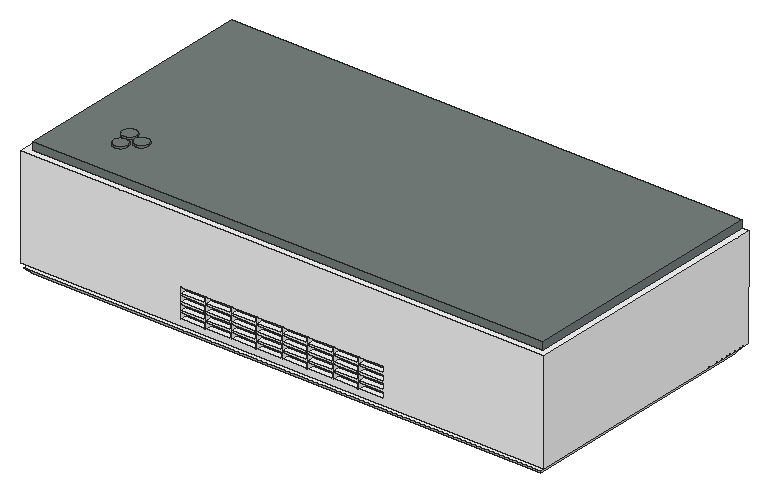
Revit family "AM 150 HHLBDE", category Mechanical Equipment, Revit 2019
Family settings
  Round Connector Dimension = Use Diameter
  Part Type = Normal
  OmniClass Number = 23.75.00.00
  OmniClass Title = Climate Control (HVAC)
  Work Plane-Based = No
  Always vertical = Yes
  Cut with Voids When Loaded = No
  Shared = No
  Room Calculation Point = No
Parameters
  publication date = "09.10.2024"
  Weight (Standard Unit) = 47  # constant formula
  Water Heater Surface Return = 15 mm  # constant formula
  Water Heater Surface IN = 15 mm  # constant formula
  Version number = "1.2"
  URL = "https://www.airmaster-as.com/products/ventilation-units-wall-mounted/am-150"
  Total Width = 1170 mm  # constant formula
  Total Hight = 262 mm  # constant formula
  T-C Duct Supply = 158 mm  # constant formula
  T-C Duct Exhaust = 158 mm  # constant formula
  Suply Air In = 160 mm  # constant formula
  Return Air = 125 mm  # constant formula
  R-C Duct Supply = 105 mm  # constant formula
  Phase 1 - Max Power Consumption = "1175 W"
  Phase 1 - Max Current = "7,97 A"
  Nominal current, electrical preheating surface = "4,35 A"
  Nominal current, electrical comfort heating surface = "2,17 A"
  Nominal current, air handling unit = "1,45 A"
  Network Conection = "AWG 24 CAT 5e STP"
  Model = "AM 150 HHLBDE"
  Max. flow rate 35 dB(A) with ePM10 80% filters = 120.00 m³  # constant formula
  Max. flow rate 35 dB(A) with ePM10 55% filters = 137.00 m³  # constant formula
  Max. flow rate 35 dB(A) with ePM10 50% filters = 156.00 m³  # constant formula
  Max. flow rate 30 dB(A) with ePM10 80% filters = 91.00 m³  # constant formula
  Max. flow rate 30 dB(A) with ePM10 55% filters = 98.00 m³  # constant formula
  Max. flow rate 30 dB(A) with ePM10 50% filters = 123.00 m³  # constant formula
  Manufacturer = "Airmaster A/S"
  Maintenance [instance] = no
  L-C Duct Exhaust = 105 mm  # constant formula
  Exhaust Air = 160 mm  # constant formula
  Total Depth = 571 mm  # constant formula
  Electrical connection = "1 ~ 230 V / N / PE / 50 Hz"
  Drawn By = "LSB"
  Condensate = 6 mm  # constant formula
  BMS Panel = "(PTS) 2x2x0,6"
  BMS Out = "(PTS) 2x2x0,6"
  BMS IN = "(PTS) 2x2x0,6"
  Airlow area [instance] = no
Reference planes
  plane 1 "Center (Front/Back)": y = 0
  plane 2: z = 0
  plane 3 "Center (Left/Right)": x = 0
  plane 4 "Center L/S": y = -571
  plane 5 "Center L/T": x = -585
  plane 6 "Center L/U": x = 585
  plane 7 "TOP": z = 262
  plane 8 "Center L/V": x = -570
  plane 9 "Center L/W": y = -556
  plane 10 "Center L/X": x = 570
  plane 11 "Panel Buttom": z = 20.747
  plane 12 "Panel Top": z = 246.501
  plane 13 "Hatch": z = 14.5
Forms (mm)
  Extrusion 1, solid, material "AM Grey"
    sketch origin (0, 0, 0) x (1, 0, 0) y (0, 1, 0)
      loop
        line (-570, 0) -> (-570, -556) -> (570, -556) -> (570, 0) -> (-570, 0)
    from 14.5 to 262
  Extrusion 2, solid, material "AM White"
    sketch origin (794.5, -1524, 20.747) x (0, -1, 0) y (-1, 0, 0)
      loop
        line (-953, 209.5) -> (-953, 1379.5) -> (-1524, 1379.5) -> (-1524, 1364.5) -> (-968, 1364.5) -> (-968, 224.5) -> (-1524, 224.5) -> (-1524, 209.5) -> (-953, 209.5)
    from 0 to -225.754
  Blend 3, solid, material "AM White"
    base sketch origin (-790.646, -1524, 14.5) x (0, -1, 0) y (1, 0, 0)
      loop
        line (-953, 212.613) -> (-953, 1368.657) -> (-1524, 1368.657) -> (-1524, 212.613) -> (-953, 212.613)
    top sketch origin (-790.646, -1524, 14.5) x (0, -1, 0) y (1, 0, 0)
      loop
        line (-968, 223.963) -> (-968, 1357.646) -> (-1509.161, 1357.646) -> (-1509.161, 223.963) -> (-968, 223.963)
    from 0 to -14.5
  Extrusion 4, solid, material "AM Grey"
    sketch origin (-570, 0, 0) x (1, 0, 0) y (0, 0, -1)
      loop
        circle (1050, -119.501) r 78
      loop
        circle (1050, -119.501) r 77.16
    from 0 to 18.45
  Extrusion 5, solid, material "AM Grey"
    sketch origin (-785, 0, 0) x (1, 0, 0) y (0, 0, -1)
      loop
        circle (305, -119.501) r 78
      loop
        circle (305, -119.501) r 77.16
    from 0 to 18.45
  Extrusion 6, solid, material "Maintenece", visible <- "Maintenance"
    sketch origin (-790.646, -1524, 0) x (1, 0, 0) y (0, -1, 0)
      loop
        line (205.646, -1524) -> (1375.646, -1524) -> (1375.646, -953) -> (205.646, -953) -> (205.646, -1524)
    from 0 to 1200
  Extrusion 7, solid, material "AM Grey"
    sketch origin (-876.982, -12.495, 262) x (1, 0, 0) y (0, 1, 0)
      loop
        circle (423.027, -417.273) r 15.55
    from 0 to 3
  Extrusion 8, solid, material "AM Grey"
    sketch origin (-866.134, 5.874, 262) x (1, 0, 0) y (0, 1, 0)
      loop
        circle (447.132, -446.023) r 15.55
    from 0 to 3
  Extrusion 9, solid, material "AM Grey"
    sketch origin (-855.713, -13.073, 262) x (1, 0, 0) y (0, 1, 0)
      loop
        circle (410.201, -452.535) r 15.55
    from 0 to 3
  Extrusion 10, void
    sketch origin (585, -571, 24.45) x (1, 0, 0) y (0, 0, -1)
      loop
        line (-811.5, -75.55) -> (-757.5, -75.55) -> (-757.5, -61.55) -> (-811.5, -61.55) -> (-811.5, -75.55)
      loop
        line (-811.5, -58.55) -> (-757.5, -58.55) -> (-757.5, -44.55) -> (-811.5, -44.55) -> (-811.5, -58.55)
      loop
        line (-811.5, -41.55) -> (-757.5, -41.55) -> (-757.5, -27.55) -> (-811.5, -27.55) -> (-811.5, -41.55)
      loop
        line (-811.5, -24.55) -> (-757.5, -24.55) -> (-757.5, -10.55) -> (-811.5, -10.55) -> (-811.5, -24.55)
      loop
        line (-754.5, -75.55) -> (-700.5, -75.55) -> (-700.5, -61.55) -> (-754.5, -61.55) -> (-754.5, -75.55)
      loop
        line (-754.5, -58.55) -> (-700.5, -58.55) -> (-700.5, -44.55) -> (-754.5, -44.55) -> (-754.5, -58.55)
      loop
        line (-754.5, -41.55) -> (-700.5, -41.55) -> (-700.5, -27.55) -> (-754.5, -27.55) -> (-754.5, -41.55)
      loop
        line (-754.5, -24.55) -> (-700.5, -24.55) -> (-700.5, -10.55) -> (-754.5, -10.55) -> (-754.5, -24.55)
      loop
        line (-697.5, -75.55) -> (-643.5, -75.55) -> (-643.5, -61.55) -> (-697.5, -61.55) -> (-697.5, -75.55)
      loop
        line (-697.5, -58.55) -> (-643.5, -58.55) -> (-643.5, -44.55) -> (-697.5, -44.55) -> (-697.5, -58.55)
      loop
        line (-697.5, -41.55) -> (-643.5, -41.55) -> (-643.5, -27.55) -> (-697.5, -27.55) -> (-697.5, -41.55)
      loop
        line (-697.5, -24.55) -> (-643.5, -24.55) -> (-643.5, -10.55) -> (-697.5, -10.55) -> (-697.5, -24.55)
      loop
        line (-640.5, -75.55) -> (-586.5, -75.55) -> (-586.5, -61.55) -> (-640.5, -61.55) -> (-640.5, -75.55)
      loop
        line (-640.5, -58.55) -> (-586.5, -58.55) -> (-586.5, -44.55) -> (-640.5, -44.55) -> (-640.5, -58.55)
      loop
        line (-640.5, -41.55) -> (-586.5, -41.55) -> (-586.5, -27.55) -> (-640.5, -27.55) -> (-640.5, -41.55)
      loop
        line (-640.5, -24.55) -> (-586.5, -24.55) -> (-586.5, -10.55) -> (-640.5, -10.55) -> (-640.5, -24.55)
      loop
        line (-583.5, -75.55) -> (-529.5, -75.55) -> (-529.5, -61.55) -> (-583.5, -61.55) -> (-583.5, -75.55)
      loop
        line (-583.5, -58.55) -> (-529.5, -58.55) -> (-529.5, -44.55) -> (-583.5, -44.55) -> (-583.5, -58.55)
      loop
        line (-583.5, -41.55) -> (-529.5, -41.55) -> (-529.5, -27.55) -> (-583.5, -27.55) -> (-583.5, -41.55)
      loop
        line (-583.5, -24.55) -> (-529.5, -24.55) -> (-529.5, -10.55) -> (-583.5, -10.55) -> (-583.5, -24.55)
      loop
        line (-526.5, -75.55) -> (-472.5, -75.55) -> (-472.5, -61.55) -> (-526.5, -61.55) -> (-526.5, -75.55)
      loop
        line (-526.5, -58.55) -> (-472.5, -58.55) -> (-472.5, -44.55) -> (-526.5, -44.55) -> (-526.5, -58.55)
      loop
        line (-526.5, -41.55) -> (-472.5, -41.55) -> (-472.5, -27.55) -> (-526.5, -27.55) -> (-526.5, -41.55)
      loop
        line (-526.5, -24.55) -> (-472.5, -24.55) -> (-472.5, -10.55) -> (-526.5, -10.55) -> (-526.5, -24.55)
      loop
        line (-469.5, -75.55) -> (-415.5, -75.55) -> (-415.5, -61.55) -> (-469.5, -61.55) -> (-469.5, -75.55)
      loop
        line (-469.5, -58.55) -> (-415.5, -58.55) -> (-415.5, -44.55) -> (-469.5, -44.55) -> (-469.5, -58.55)
      loop
        line (-469.5, -41.55) -> (-415.5, -41.55) -> (-415.5, -27.55) -> (-469.5, -27.55) -> (-469.5, -41.55)
      loop
        line (-469.5, -24.55) -> (-415.5, -24.55) -> (-415.5, -10.55) -> (-469.5, -10.55) -> (-469.5, -24.55)
      loop
        line (-412.5, -75.55) -> (-358.5, -75.55) -> (-358.5, -61.55) -> (-412.5, -61.55) -> (-412.5, -75.55)
      loop
        line (-412.5, -58.55) -> (-358.5, -58.55) -> (-358.5, -44.55) -> (-412.5, -44.55) -> (-412.5, -58.55)
      loop
        line (-412.5, -41.55) -> (-358.5, -41.55) -> (-358.5, -27.55) -> (-412.5, -27.55) -> (-412.5, -41.55)
      loop
        line (-412.5, -24.55) -> (-358.5, -24.55) -> (-358.5, -10.55) -> (-412.5, -10.55) -> (-412.5, -24.55)
    from 0 to 15
  Extrusion 11, solid, material "AM Grey"
    sketch origin (-585, 0, 20.747) x (0, -1, 0) y (0, 0, 1)
      loop
        circle (372, 125.253) r 62.5
    from 0 to 40
Cuts and joins
  Extrusion 10 cuts Extrusion 1
  Extrusion 10 cuts Extrusion 2
Dimensions and locks
  "Total Depth": plane 4 "Center L/S" to plane 1 "Center (Front/Back)"
  equal spacing: plane 5 "Center L/T", plane 3 "Center (Left/Right)", plane 6 "Center L/U"
  "Total Width": plane 5 "Center L/T" to plane 6 "Center L/U"
  "Total Hight": plane 7 "TOP" to level
  locked: plane 10 "Center L/X" to plane 6 "Center L/U" at 15
  locked: plane 4 "Center L/S" to plane 9 "Center L/W" at 15
  locked: plane 5 "Center L/T" to plane 8 "Center L/V" at 15
  Extrusion 1 to Blend 3 sketch curve = 14.839 mm
  plane 7 "TOP" to Extrusion 11 sketch curve = 116 mm
  plane 1 "Center (Front/Back)" to Extrusion 11 sketch curve = 372 mm
  "Return Air": diameter of Extrusion 11 sketch curve
  aligned and locked: level to plane 2
  aligned and locked: plane 1 "Center (Front/Back)" to Extrusion 1 sketch curve
  aligned and locked: plane 8 "Center L/V" to Extrusion 1 sketch curve
  aligned and locked: Extrusion 1 sketch curve to plane 9 "Center L/W"
  aligned and locked: Extrusion 1 sketch curve to plane 10 "Center L/X"
  aligned and locked: plane 7 "TOP" to Extrusion 1
  aligned and locked: plane 4 "Center L/S" to Extrusion 2 sketch curve
  aligned and locked: plane 6 "Center L/U" to Extrusion 2 sketch curve
  aligned and locked: Extrusion 2 sketch curve to Extrusion 1  (x2)
  aligned and locked: plane 1 "Center (Front/Back)" to Extrusion 2 sketch curve
  aligned and locked: Extrusion 2 to plane 12 "Panel Top"
  aligned and locked: Blend 3 to plane 2
  aligned and locked: plane 13 "Hatch" to Extrusion 1
Automatic sketch dimensions
  plane 1 "Center (Front/Back)" to Blend 3 sketch curve = 0 mm
  plane 4 "Center L/S" to Blend 3 sketch curve = 0 mm
  plane 5 "Center L/T" to Blend 3 sketch curve = 6.967 mm
  Blend 3 sketch curve to plane 6 "Center L/U" = 6.989 mm
  plane 9 "Center L/W" to Blend 3 sketch curve = 0 mm
  plane 8 "Center L/V" to Blend 3 sketch curve = 3.316 mm
  Blend 3 sketch curve to plane 10 "Center L/X" = 3 mm
  Extrusion 6 sketch curve to Blend 3 = 18.316 mm
  Extrusion 6 sketch curve to Blend 3 = 18 mm
  Extrusion 6 sketch curve to Blend 3 = 15 mm
  Extrusion 6 sketch curve to Blend 3 = 14.839 mm
  Extrusion 7 sketch curve to Extrusion 1 = 1023.955 mm
  Extrusion 7 sketch curve to Extrusion 1 = 126.232 mm
  Extrusion 8 sketch curve to Extrusion 1 = 989.002 mm
  Extrusion 8 sketch curve to Extrusion 1 = 115.851 mm
  Extrusion 9 sketch curve to Extrusion 1 = 1015.512 mm
  Extrusion 9 sketch curve to Extrusion 1 = 90.392 mm
  Extrusion 10 sketch curve to Extrusion 2 = 79.253 mm  (x2)
  Extrusion 10 sketch curve to Extrusion 2 = 14.253 mm
  Extrusion 10 sketch curve to Extrusion 10 sketch curve = 0 mm  (x60)
  Extrusion 10 sketch curve to Extrusion 10 sketch curve = 54 mm  (x8)
  Extrusion 10 sketch curve to Extrusion 10 sketch curve = 3 mm  (x38)
  Extrusion 10 sketch curve to Extrusion 10 sketch curve = 14 mm  (x18)
  plane 1 "Center (Front/Back)" to Extrusion 2 sketch curve = 0 mm
  Extrusion 2 sketch curve to plane 8 "Center L/V" = 0 mm
  Extrusion 2 sketch curve to plane 5 "Center L/T" = 0 mm
  Extrusion 2 to Extrusion 10 sketch curve = 358.5 mm
  radius of Extrusion 7 sketch curve = 15.55 mm
  radius of Extrusion 8 sketch curve = 15.55 mm
  radius of Extrusion 9 sketch curve = 15.55 mm
Nested families
  nested 1: "Model Label 2019" at (0, -361.924, 0), Label <- "Model", type "Model Label 2019"
    with Label "AM 150 HHLBDE"
  nested 2: "indblæssymbol" at (0, -621, 0) x (0, -1, 0) z (0, 0, 1), type "indblæssymbol"
    with dX_ 609 mm, dX 609 mm, ang2D 0.00°
Connectors
  electrical at (-453.955, -429.768, 262)
    settings: on Extrusion 7, index 13, voltage 230 V, apparent load 0 VA, apparent load phase1 0 VA, apparent load phase2 0 VA, apparent load phase3 0 VA, power factor 0.55, load classification "Other", number of poles 1, system type 30, power factor state 1, is connector primary yes, connector utility no, sub classification motor no, connector description ""
  electrical at (-419.002, -440.149, 262), driven by "BMS Out"
    settings: on Extrusion 8, index 14, voltage 0 V, apparent load 0 VA, apparent load phase1 0 VA, apparent load phase2 0 VA, apparent load phase3 0 VA, power factor 1, load classification "Other", number of poles 1, system type 5, power factor state 1, is connector primary no, connector utility no, sub classification motor no, connector description "(PTS) 2x2x0,6"
  electrical at (-445.512, -465.608, 262), driven by "BMS IN"
    settings: on Extrusion 9, index 15, voltage 0 V, apparent load 0 VA, apparent load phase1 0 VA, apparent load phase2 0 VA, apparent load phase3 0 VA, power factor 1, load classification "Other", number of poles 1, system type 5, power factor state 1, is connector primary no, connector utility no, sub classification motor no, connector description "(PTS) 2x2x0,6"
  hvac at (-585, -372, 146), driven by "Return Air"
    settings: on Extrusion 11, index 17, duct flow 0.0 L/s, flow factor 0, pres drop 0.0 Pa, loss coef 0, conn angle 0.00°, conn width 304.8 mm, conn height 304.8 mm, conn diameter 125 mm, duct sys type 2, conn prof type 0, flow config 0, flow direction 1, loss method 0, conn ref index -1, conn util no, is conn primary yes, conn desc ""
  hvac at (-480, 0, 119.501), driven by "Exhaust Air"
    settings: on Extrusion 5, index 18, duct flow 0.0 L/s, flow factor 0, pres drop 0.0 Pa, loss coef 0, conn angle 0.00°, conn width 304.8 mm, conn height 304.8 mm, conn diameter 160 mm, duct sys type 1, conn prof type 0, flow config 2, flow direction 2, loss method 0, conn ref index -1, conn util no, is conn primary no, conn desc ""
  hvac at (480, 0, 119.501), driven by "Suply Air In"
    settings: on Extrusion 4, index 19, duct flow 0.0 L/s, flow factor 0, pres drop 0.0 Pa, loss coef 0, conn angle 0.00°, conn width 304.8 mm, conn height 304.8 mm, conn diameter 160 mm, duct sys type 3, conn prof type 0, flow config 0, flow direction 1, loss method 0, conn ref index -1, conn util no, is conn primary no, conn desc ""
Definition of nested family "Model Label 2019"
  Parameters (values of type "Model Label 2019")
    Label [instance] = ""
  Reference planes
    plane 1: y = 0
    plane 2: x = 0
  Text (mm)
    label "Label" at (-0.131, 0.049, 0), shows "Label"
Definition of nested family "indblæssymbol"
  Parameters (values of type "indblæssymbol")
    dX_ [instance] = if(dX = 0 mm, 1 mm, dX)  # 609 mm
    dX [instance] = 609 mm
    ang2D [instance] = 0.00°
    Type Comments = "DO NOT CHANGE dX value from 608 mm ( 2 ft )"
    Afstand pil = 50 mm
  Reference planes
    plane 1 "Center (Front/Back)": y = 0
    plane 2: z = 0
    plane 3 "Center (Left/Right)": x = 0
  Lines and regions (mm)
    Filled region 1, type "Concrete", in view "Ref. Level"
      outline origin (50.005, 0, 0) x (1, 0, 0) y (0, 1, 0)
        loop
          line (399.995, 0.414) -> (301.442, 17.365) -> (301.588, -17.365) -> (399.995, 0.414)
    reference lines, in view "Ref. Level"
      curve 1: line (50, 134.129, 0) -> (50, -145.871, 0)
    detail lines, in view "Ref. Level"
      curve 2: line (351.52, 0, 0) -> (50, 0, 0)
  Dimensions and locks
    "Afstand pil": plane 3 "Center (Left/Right)" to curve 1
    curve 1 to Filled region 1 = 400 mm
  Automatic sketch dimensions
    Filled region 1 sketch curve to plane 1 "Center (Front/Back)" = 0.414 mm
    plane 3 "Center (Left/Right)" to Filled region 1 sketch curve = 450 mm
    plane 1 "Center (Front/Back)" to Filled region 1 sketch curve = 17.365 mm
    Filled region 1 sketch curve to Filled region 1 sketch curve = 98.407 mm
    Filled region 1 sketch curve to plane 1 "Center (Front/Back)" = 17.365 mm
    Filled region 1 sketch curve to Filled region 1 sketch curve = 0.146 mm
    plane 1 "Center (Front/Back)" to curve 2 = 0 mm
    plane 3 "Center (Left/Right)" to curve 2 = 50 mm
    curve 2 to curve 2 = 301.52 mm
    plane 1 "Center (Front/Back)" to curve 1 = 145.871 mm
    curve 1 to plane 1 "Center (Front/Back)" = 134.129 mm
